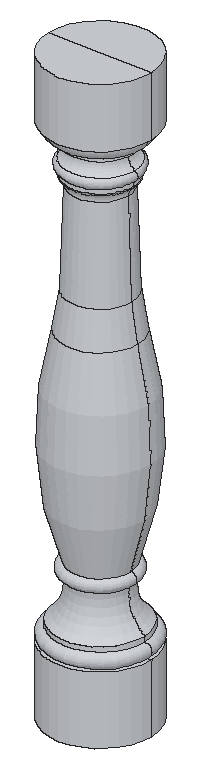
Revit family
Parameters (values of type "Balustrade G31")
  Width = 0' - 5 7/16"
  URL = "www.strombergarchitectural.com"
  Top Material = none
  Submittal Sheet = "www.strombergarchitectural.com/images/materials/gfrc/submittal/gfrc-submittal-sheet.pdf"
  Specifications = "www.strombergarchitectural.com/gfrcspecifications"
  Model Cut-sheet = "http://www.strombergarchitectural.com/products/balustrade/design/G31"
  Model = "Balustrade G31"
  Manufacturer = "Stromberg Architectural Products"
  Guidebook = "www.strombergarchitectural.com/images/materials/gfrc/handbooks/gfrc_guidebook.pdf   \r\n(http://www.strombergarchitectural.com/images/materials/gfrc/handbooks/gfrc_guidebook.pdf"
  Description = "GFRC Baluster"
  Assembly Code = ""
  Height = 2' - 7 9/16"
  XXX.5 = no
  XXX.4 = no
  XXX.3 = no
  XXX.2 = no
  XXX.1 = yes
Reference planes (in)
  plane 1 "Center (Front/Back)": y = 3.74847
  plane 2: z = 0
  plane 3 "Center (Left/Right)": x = 0.7278
  plane 4 "Front": y = -3.25153
  plane 5 "Back": y = 10.74847
  plane 6 "Left": x = -17.2722
  plane 7 "Right": x = 18.7278
Forms (in)
  Revolve 1, solid
    sketch origin (0, 3.74847, 0) x (1, 0, 0) y (0, 0, 1)
      loop
        line (0.7278, 31.5625) -> (-1.99095, 31.5625) -> (-1.99095, 28.375) -> (-1.80345, 28.375)
        arc (-1.80345, 28.375) -> (-1.58378, 27.84467) -> (-1.05345, 27.625) r 0.75
        line (-1.05345, 27.625) -> (-1.05345, 27.375) -> (-0.80345, 27.375)
        arc (-0.80345, 27.375) -> (-0.79963, 26.93111) -> (-1.08763, 26.5933) r 0.63465
        arc (-1.08763, 26.5933) -> (-1.24127, 26.31691) -> (-1.05345, 26.0625) r 0.29225
        line (-1.05345, 26.0625) -> (-1.05345, 25.8125)
        arc (-1.05345, 25.8125) -> (-1.04683, 25.78451) -> (-1.02838, 25.76245) r 0.0625
        arc (-1.02838, 25.76245) -> (-0.84635, 25.55002) -> (-0.7722, 25.28028) r 0.64066
        line (-0.7722, 25.28028) -> (-0.96717, 20.31172)
        arc (-0.96717, 20.31172) -> (-1.09025, 19.3538) -> (-1.27859, 18.40654) r 14.10734
        arc (-1.27859, 18.40654) -> (-1.94925, 12.88903) -> (-0.86595, 7.4375) r 17.60057
        arc (-0.86595, 7.4375) -> (-1.17845, 7.125) -> (-0.86595, 6.8125) r 0.3125
        arc (-0.86595, 6.8125) -> (-0.90979, 5.60521) -> (-1.61595, 4.625) r 2.08446
        line (-1.61595, 4.625) -> (-1.61595, 4.375)
        arc (-1.61595, 4.375) -> (-1.99095, 4) -> (-1.61595, 3.625) r 0.375
        line (-1.61595, 3.625) -> (-1.99095, 3.625) -> (-1.99095, 0) -> (0.7278, 0) -> (0.7278, 31.5625)
      axis (0.7278, 31.5625) -> (0.7278, 0)
    angle from 0 to 360
Dimensions and locks (in)
  aligned and locked: level to plane 2
